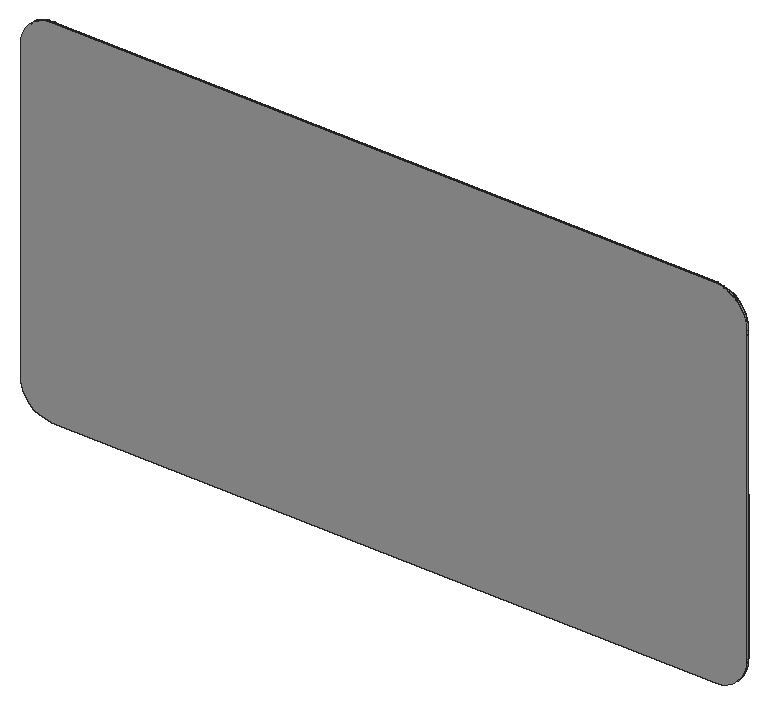
Revit family "41637", category Generic Models, Revit 2017
Family settings
  Can host rebar = No
  Round Connector Dimension = Use Diameter
  Part Type = Normal
  Work Plane-Based = No
  Always vertical = Yes
  Cut with Voids When Loaded = No
  Shared = No
  Room Calculation Point = No
Parameters
  Steel = Default
  Glass = Default
Reference planes
  plane 1 "Center (Front/Back)": y = 0
  plane 2: z = 0
  plane 3 "Center (Left/Right)": x = 0
  plane 4: y = 4
  plane 5: y = 4.3
Forms (mm)
  Extrusion 1, solid, material "Default" <- "Glass"
    sketch origin (-172.671, 4, 1200) x (-1, 0, 0) y (0, 0, 1)
      loop
        arc (816.93, -297.204) -> (791.919, -236.823) -> (731.538, -211.812) r 85.392
        arc (731.538, -211.812) -> (-172.671, -198.737) -> (-1076.879, -211.812) r 31270.226
        arc (-1076.879, -211.812) -> (-1137.26, -236.823) -> (-1162.271, -297.204) r 85.392
        arc (-1162.271, -297.204) -> (-1172.284, -699.368) -> (-1162.271, -1101.532) r 8081.547
        arc (-1162.271, -1101.532) -> (-1137.26, -1161.914) -> (-1076.879, -1186.924) r 85.392
        arc (-1076.879, -1186.924) -> (-172.671, -1200) -> (731.538, -1186.924) r 31270.226
        arc (731.538, -1186.924) -> (791.919, -1161.914) -> (816.93, -1101.532) r 85.392
        arc (816.93, -1101.532) -> (827.044, -699.368) -> (816.93, -297.204) r 8000
    from -4 to 0
  Extrusion 2, solid, material "Default" <- "Steel"
    sketch origin (-172.671, 4, 1200) x (-1, 0, 0) y (0, 0, 1)
      loop
        arc (731.538, -211.812) -> (-172.671, -198.737) -> (-1076.879, -211.812) r 31270.226
        arc (-1076.879, -211.812) -> (-1137.26, -236.823) -> (-1162.271, -297.204) r 85.392
        arc (-1162.271, -297.204) -> (-1172.284, -699.368) -> (-1162.271, -1101.532) r 8081.547
        arc (-1162.271, -1101.532) -> (-1137.26, -1161.914) -> (-1076.879, -1186.924) r 85.392
        arc (-1076.879, -1186.924) -> (-172.671, -1200) -> (731.538, -1186.924) r 31270.226
        arc (731.538, -1186.924) -> (791.919, -1161.914) -> (816.93, -1101.532) r 85.392
        arc (816.93, -1101.532) -> (827.044, -699.368) -> (816.93, -297.204) r 8000
        arc (816.93, -297.204) -> (791.919, -236.823) -> (731.538, -211.812) r 85.392
    from 0 to 0.3
Dimensions and locks
  aligned and locked: level to plane 2
